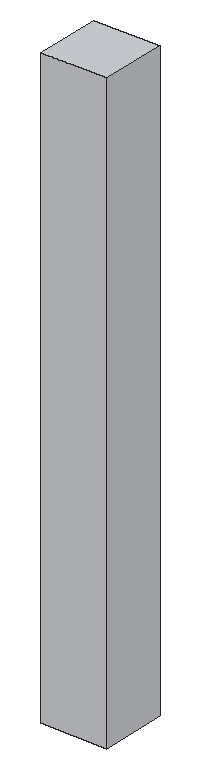
Revit family "M_Post - Square", category 난간동자, Revit 2026
Family settings
  항상 수직 = 예
  로드될 때 보이드를 사용하여 절단 = 아니오
  공유 = 아니오
Parameters (values of type "100mm")
  built-in parameter 1008623 [instance] = (empty or 0)
  built-in parameter 1008625 [instance] = (empty or 0)
  Post Material = none
  Width = 100 mm
  Post = yes
  built-in parameter 1008624 [instance] = (empty or 0)
  built-in parameter 1008622 [instance] = 915 mm
Types (5, lengths in mm): name | Width
  (no name) | 100
  30mm | 30
  60mm | 60
  100mm | 100
  150mm | 150
Reference planes
  plane 1 "Center (Front/Back)": y = 0
  plane 2: z = 0
  plane 3 "Center (Left/Right)": x = 0
  plane 4 "Top": z = 915
Forms (mm)
  Extrusion 1, solid, material <- "Post Material"
    sketch origin (0, 0, 0) x (1, 0, 0) y (0, 1, 0)
      loop
        line (-50, 50) -> (-50, -50) -> (50, -50) -> (50, 50) -> (-50, 50)
    from 0 to 915
Dimensions and locks
  "built-in parameter 1008622": plane 2 to plane 4 "Top"
  equal spacing: Extrusion 1 sketch curve, plane 3 "Center (Left/Right)", Extrusion 1 sketch curve
  equal spacing: Extrusion 1 sketch curve, plane 1 "Center (Front/Back)", Extrusion 1 sketch curve
  "Width": Extrusion 1 sketch curve to Extrusion 1 sketch curve  (x2)
  aligned and locked: Extrusion 1 to level
  aligned and locked: Extrusion 1 to plane 4 "Top"
